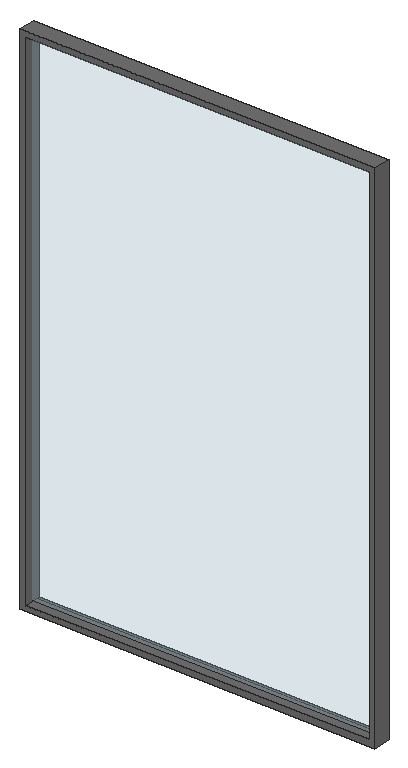
Revit family "ADSK_ОкноВитражноеОдностворчатое", category Окна, Revit 2019
Family settings
  Номер OmniClass = 23.25.20.14.11.11.17
  Заголовок OmniClass = Infill Panels
  Всегда вертикально = Да
  При загрузке вырезать с полостями = Нет
  Общий = Нет
  Точка расчета площади = Нет
Parameters (values of type "Открывание Влево Вниз")
  Термостойкость = 0.271106 (m²·K)/W
  Сдвиг_Право = no
  Сдвиг_Лево = no
  Панель_Смещение [instance] = -50.00 mm
  Рама_профиль_Ширина = 80.00 mm
  Рама_профиль_Высота = 25.00 mm
  Visual Light Transmittance = 0.9
  Стекло_Толщина = 25.00 mm
  Отступ_панели [instance] = 450.00 mm + Панель_Смещение  # 400.00 mm
  Открывание_Лево = yes
  Подъем_Вверх = no
  Открывание_Право = no
  Откидывание_Вниз = yes
  Материал переплета = AVLN_Материал импоста_RAL 7024
  Solar Heat Gain Coefficient = 0.78
  Идентификатор типа конструкции = "GSP4R"
  Коэффициент теплопередачи (U) = 3.6886 W/(m²·K)
  Материал остекления = ADSK_Стекло_Прозрачное бесцветное
  Стекло_Смещение = 40.00 mm
  Глухая = no
  Аналитическая конструкция = "Одинарное остекление стеклами Пилкингтон - 1/8 дюйма"
  ADSK_Этаж [instance] = ""
  ADSK_Примечание [instance] = ""
  ADSK_Предел огнестойкости = ""
  ADSK_Позиция [instance] = ""
  ADSK_Обозначение = "ГОСТ 23166-99"
  ADSK_Наименование краткое = ""
  ADSK_Наименование = "ОА ОСП *-* ПО Л"
  ADSK_Масса_Текст = ""
  ADSK_Масса = 0
  ADSK_Марка = ""
  ADSK_Количество [instance] = 0
  ADSK_Код изделия = ""
  ADSK_Зона [instance] = ""
  ADSK_Завод-изготовитель = ""
  ADSK_Единица измерения = ""
  ADSK_Группирование [instance] = ""
  ADSK_URL страницы изделия = ""
  ADSK_URL документации изделия = ""
Types (4, lengths in mm): name | Открывание_Лево | Открывание_Право | Материал остекления | ADSK_Наименование
  Открывание Влево Вниз | yes | no | ADSK_Стекло_Прозрачное бесцветное | "ОА ОСП *-* ПО Л"
  Открывание Вправо Вниз | no | yes | ADSK_Стекло_Прозрачное бесцветное | "ОА ОСП *-* ПО П"
  Открывание Вправо Вниз (тонированное стекло) | no | yes | ADSK_Стекло_Прозрачное тонированное | "ОА ОСП *-* ПО П"
  Открывание Влево Вниз (тонированное стекло) | yes | no | ADSK_Стекло_Прозрачное тонированное | "ОА ОСП *-* ПО Л"
Reference planes
  plane 1: y = 0
  plane 2: z = 0
  plane 3: x = 0
  plane 4: x = -831.877
  plane 5: x = 831.877
  plane 6: z = 2438.4
  plane 7 "Внутренняя грань": y = -50
  plane 8: z = 1219.2
  plane 9: x = 100
  plane 10: x = -100
  plane 11: z = 1319.2
  plane 12: z = 1119.2
  plane 13: y = -450
Forms (mm)
  Extrusion 1, solid, material "ADSK_Стекло_Прозрачное бесцветное" <- "Материал остекления"
    sketch origin (0, 0, 0) x (1, 0, 0) y (0, 1, 0)
      loop
        line (-806.877, 15) -> (-806.877, -10) -> (806.877, -10) -> (806.877, 15) -> (-806.877, 15)
    from 25 to 2413.4
  Sweep 2, solid, material "AVLN_Материал импоста_RAL 7024" <- "Материал переплета"
    path origin (0, -50, 0) x (-1, 0, 0) y (0, 0, 1)
      loop
        line (-831.877, 2438.4) -> (-831.877, 0) -> (831.877, 0) -> (831.877, 2438.4) -> (-831.877, 2438.4)
    profile origin (0, -50, 2438.4) x (0, 0, 1) y (0, 1, 0)
      loop
        line (0, 0) -> (0, 80) -> (-25, 80) -> (-25, 0) -> (0, 0)
Lines and regions (mm)
  symbolic lines, style "УГО", visible <- "Подъем_Вверх"
    curve 1: line (831.877, -50, 2438.4) -> (0, -50, 0)
    curve 2: line (0, -50, 0) -> (-831.877, -50, 2438.4)
  symbolic lines, visible <- "Глухая"
    curve 3: line (0, -50, 1319.2) -> (0, -50, 1119.2)
    curve 4: line (100, -50, 1219.2) -> (-100, -50, 1219.2)
  symbolic lines, visible <- "Сдвиг_Право"
    curve 5: line (250, -50, 1219.2) -> (-250, -50, 1219.2)
    curve 6: line (-250, -50, 1219.2) -> (-114.77, -50, 1255.435)
    curve 7: line (-250, -50, 1219.2) -> (-114.77, -50, 1182.965)
  symbolic lines, visible <- "Сдвиг_Право", not visible
    curve 8: line (288.269, -50, 1419.396) -> (-211.731, -50, 1419.396)
    curve 9: line (-211.731, -50, 1419.396) -> (-76.501, -50, 1455.631)
    curve 10: line (-211.731, -50, 1419.396) -> (-76.501, -50, 1383.162)
  symbolic lines, visible <- "Сдвиг_Лево"
    curve 11: line (250, -50, 1219.2) -> (-250, -50, 1219.2)
    curve 12: line (250, -50, 1219.2) -> (114.77, -50, 1255.435)
    curve 13: line (250, -50, 1219.2) -> (114.77, -50, 1182.965)
  symbolic lines, visible <- "Сдвиг_Лево", not visible
    curve 14: line (250, -50, 1504.2) -> (-250, -50, 1504.2)
    curve 15: line (250, -50, 1504.2) -> (114.77, -50, 1540.435)
    curve 16: line (250, -50, 1504.2) -> (114.77, -50, 1467.965)
  symbolic lines, style "Открывание", visible <- "Открывание_Лево"
    curve 17: line (806.877, 0, 1219.2) -> (-831.877, 0, 0)
    curve 18: line (-831.877, 0, 2438.4) -> (806.877, 0, 1219.2)
  symbolic lines, style "Открывание"
    curve 19: line (-831.877, 0, 0) -> (0, 0, 2438.4)
    curve 20: line (831.877, 0, 0) -> (0, 0, 2438.4)
  symbolic lines, style "Открывание", not visible
    curve 21: line (278.269, 0, 450) -> (-278.269, 0, 0)
    curve 22: line (-278.269, 0, 900) -> (278.269, 0, 450)
    curve 23: line (-278.269, 0, 0) -> (0, 0, 900)
    curve 24: line (278.269, 0, 0) -> (0, 0, 900)
  symbolic lines, style "Открывание", visible <- "Открывание_Право"
    curve 25: line (-806.877, 0, 1219.2) -> (831.877, 0, 0)
    curve 26: line (831.877, 0, 2438.4) -> (-806.877, 0, 1219.2)
Text (mm)
  text "Наружный" at (-1328.559, 631.882, 0), in view "Базовая линия"
Dimensions and locks
  equal spacing: plane 4, plane 3, plane 5
  "Стекло_Смещение": plane 7 "Внутренняя грань" to Extrusion 1 sketch curve
  "Рама_профиль_Ширина": Sweep 2 sketch curve to profile plane
  "Рама_профиль_Высота": Sweep 2 sketch curve to profile plane
  "Стекло_Толщина": Extrusion 1 sketch curve to Extrusion 1 sketch curve
  equal spacing: plane 2, plane 8, plane 6
  plane 10 to plane 3 to plane 9 = 100.00 mm locked, 100.00 mm locked
  plane 12 to plane 8 to plane 11 = 100.00 mm locked, 100.00 mm locked
  locked: plane 13 to plane 1 at 450
  "Отступ_панели": plane 7 "Внутренняя грань" to plane 13
  aligned and locked: plane 5 to Sweep 2 sketch curve
  aligned and locked: plane 6 to Sweep 2 sketch curve
  aligned and locked: Sweep 2 sketch curve to plane 4
  aligned and locked: plane 2 to Sweep 2 sketch curve
  aligned and locked: Sweep 2 to Extrusion 1 sketch curve
  aligned and locked: Extrusion 1 sketch curve to Sweep 2
  aligned and locked: Extrusion 1 to Sweep 2  (x2)
  aligned and locked: curve 3 to plane 3
  aligned and locked: plane 11 to curve 3
  aligned and locked: plane 12 to curve 3
  aligned and locked: plane 8 to curve 4
  aligned and locked: plane 10 to curve 4
  aligned and locked: plane 9 to curve 4
  aligned and locked: Sweep 2 to curve 1
Automatic sketch dimensions
  plane 5 to curve 26 = 0.00 mm
  curve 26 to plane 6 = 0.00 mm
  plane 4 to curve 18 = 0.00 mm
  curve 18 to plane 6 = 0.00 mm
  curve 19 to plane 3 = 0.00 mm
  curve 19 to plane 6 = 0.00 mm
  curve 25 to plane 8 = 0.00 mm
  curve 18 to plane 8 = 0.00 mm
  curve 25 to level = 0.00 mm
  curve 17 to level = 0.00 mm
  plane 4 to curve 17 = 0.00 mm
  plane 5 to curve 20 = 0.00 mm
  curve 26 to plane 4 = 25.00 mm
  plane 5 to curve 17 = 25.00 mm
  plane 5 to curve 1 = 0.00 mm
  curve 2 to plane 3 = 0.00 mm
  plane 4 to curve 2 = 0.00 mm
  curve 2 to plane 6 = 0.00 mm
  curve 1 to plane 6 = 0.00 mm
  Sweep 2 sketch curve to plane 7 "Внутренняя грань" = 0.00 mm
  profile plane to Sweep 2 sketch curve = 0.00 mm
